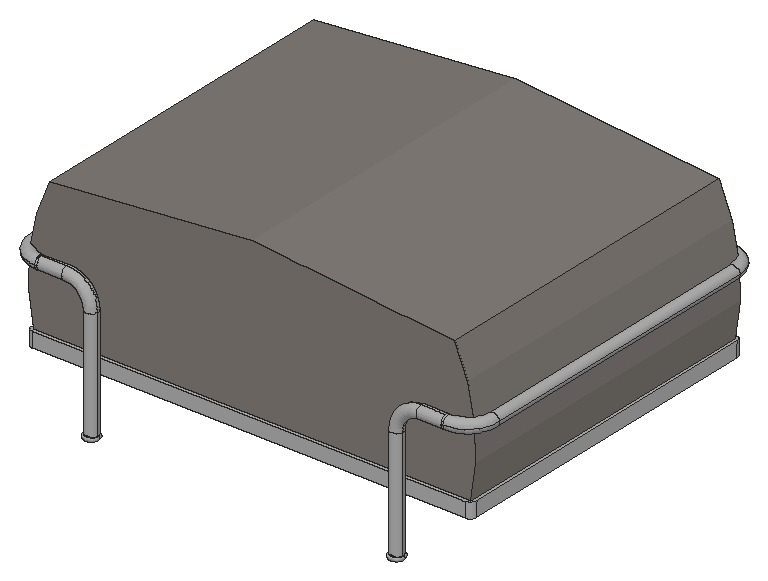
Revit family "Haworth_LC2_Ottoman", category Furniture, Revit 2018
Family settings
  OmniClass Number = 23.40.20.00
  OmniClass Title = General Furniture and Specialties
  Work Plane-Based = No
  Always vertical = Yes
  Cut with Voids When Loaded = No
  Shared = No
  Room Calculation Point = No
Parameters (values of type "HCCS-LC2F")
  Warranty = "http://www.haworth.com/resources/product-info/warranties"
  Upholstery Finish [instance] = Haworth _ Leather _ Cassina LCX _ Fango TD-418
  URL - Product = "http://www.haworth.com/products/Seating/Lounge-Chairs/lc2"
  URL = "http://www.haworth.com/our-brands/haworth-collection"
  Leg Finish [instance] = Haworth _ Metal _ Chrome
  Inside Depth = Actual Depth - 0' 1 1/2"  # 1' - 8 1/2"
  Half Width = Actual Width / 2  # 1' - 2 1/4"
  Frame Thickness = 0' - 0 3/4"  # constant formula
  Frame Radius = 0' - 0 3/8"  # constant formula
  Leg Offset = 0' - 4 1/4"  # constant formula
  Edge Offset = 0' - 0 1/4"  # constant formula
  Size = "Verify Final Dim. w/ Haworth"  # constant formula
  Revision = "4"  # constant formula
  Model = "HCCS-LC2F"
  Manufacturer = "Haworth"  # constant formula
  Glide Finish = Haworth _ Paint _ Black
  Description = "Haworth LC2 Ottoman"
  Arm Width = 0' - 4 1/4"  # constant formula
  Author = "Haworth (Hampton)"  # constant formula
  Assembly Code = "E2020200"
  Actual Width = 2' - 4 1/2"  # constant formula
  Actual Height = 1' - 4"  # constant formula
  Actual Depth = 1' - 10"  # constant formula
Reference planes (in)
  plane 1 "Center Front/Back": y = 0.75
  plane 2: z = 0.1875
  plane 3 "Center Left/Right": x = 0
  plane 4 "Frame Front Outside": y = -10.5
  plane 5 "Frame Right Inside": x = 13.5
  plane 6 "Frame Left Inside": x = -13.5
  plane 7 "Frame Top": z = 4.40945
  plane 8 "Right Leg Front": x = 9.25
  plane 9 "Left Leg Front": x = -9.25
  plane 10 "Top": z = 16.1875
  plane 11 "Right Arm": x = 9.25
  plane 12 "Left Arm": x = -9.25
  plane 13 "Frame Back Inside": y = 10.75
  plane 14 "Frame Left Outside": x = -14.25
  plane 15 "Frame Right Outside": x = 14.25
  plane 16 "Frame Front Inside": y = -9.75
  plane 17 "Frame Back Outside": y = 11.5
  plane 18 "Frame Bottom": z = 3.53445
  plane 19 "Bar Small Bottom": z = 8.375
  plane 20 "Bar Small Top": z = 8.875
  plane 21 "Leg Bottom": z = 0.4375
  plane 22 "Glide Top": z = 0.375
  plane 23 "Frame Radius Front": y = -10.125
  plane 24 "Frame Radius Left": x = -13.875
  plane 25 "Frame Radius Top": y = 11.125
  plane 26 "Frame Radius Right": x = 13.875
  plane 27 "Bar Small Center": z = 8.625
  plane 28 "Back Edge": y = 10.5
  plane 29 "Front Edge": y = -9.5
  plane 30 "Left Edge": x = -13.25
  plane 31 "Right Edge": x = 13.25
Forms (in)
  Extrusion 1, solid, material "Haworth _ Leather _ Cassina LCX _ Fango TD-418" <- "Upholstery Finish"
    sketch origin (0, 0, 0) x (-1, 0, 0) y (0, 0, -1)
      loop
        arc (-13.25, -4.40945) -> (-13.49553, -8.66336) -> (-12.26496, -12.7428) r 12.21504
        arc (-12.26496, -12.7428) -> (0, -13.86578) -> (12.26496, -12.7428) r 67.53931
        arc (12.26496, -12.7428) -> (13.49553, -8.66336) -> (13.25, -4.40945) r 12.21504
        line (13.25, -4.40945) -> (-13.25, -4.40945)
    from -10.5 to 9.5
  Extrusion 2, solid, material "Haworth _ Metal _ Chrome" <- "Leg Finish"
    sketch origin (0, 0, 0.1875) x (1, 0, 0) y (0, 1, 0)
      loop
        arc (-13.125, 10.75) -> (-13.39017, 10.64017) -> (-13.5, 10.375) r 0.375
        line (-13.5, 10.375) -> (-13.5, -9.375)
        arc (-13.5, -9.375) -> (-13.39017, -9.64017) -> (-13.125, -9.75) r 0.375
        line (-13.125, -9.75) -> (13.125, -9.75)
        arc (13.125, -9.75) -> (13.39017, -9.64017) -> (13.5, -9.375) r 0.375
        line (13.5, -9.375) -> (13.5, 10.375)
        arc (13.5, 10.375) -> (13.39017, 10.64017) -> (13.125, 10.75) r 0.375
        line (13.125, 10.75) -> (-13.125, 10.75)
    from 3.34695 to 4.22195
  Sweep 3, solid, material "Haworth _ Metal _ Chrome" <- "Leg Finish"
    path origin (0, 0, -4.5) x (0, -1, 0) y (1, 0, 0)
      loop
        line (-11.125, 12.25) -> (-11.125, 12.375)
        arc (-11.125, 12.375) -> (-10.68566, 13.43566) -> (-9.625, 13.875) r 1.5
        line (-9.625, 13.875) -> (8.625, 13.875)
        arc (8.625, 13.875) -> (9.68566, 13.43566) -> (10.125, 12.375) r 1.5
        line (10.125, 12.375) -> (10.125, 12.25)
    profile origin (12.3125, 11.125, -4.5) x (0, 1, 0) y (0, 0, 1)
      loop
        circle (0, 13.125) r 0.375
  Sweep 4, solid, material "Haworth _ Metal _ Chrome" <- "Leg Finish"
    path origin (0, -10.125, 0) x (1, 0, 0) y (0, 0, 1)
      loop
        line (-9.25, 0.4375) -> (-9.25, 7.125)
        arc (-9.25, 7.125) -> (-9.68934, 8.18566) -> (-10.75, 8.625) r 1.5
        line (-10.75, 8.625) -> (-12.25, 8.625)
    profile origin (-9.25, -10.125, 3.78125) x (-1, 0, 0) y (0, -1, 0)
      loop
        circle (0, 0) r 0.375
  Extrusion 5, solid, material "Haworth _ Paint _ Black" <- "Glide Finish"
    sketch origin (0, 0, 0.1875) x (1, 0, 0) y (0, 1, 0)
      loop
        circle (-9.25, -10.125) r 0.375
      loop
        circle (9.25, -10.125) r 0.375
      loop
        circle (9.25, 11.125) r 0.375
      loop
        circle (-9.25, 11.125) r 0.375
    from 0.1875 to 0.25
  Revolve 6, solid, material "Haworth _ Metal _ Chrome" <- "Leg Finish"
    sketch origin (0, -10.125, 0.1875) x (1, 0, 0) y (0, 0, 1)
      loop
        line (-9.25, 0) -> (-9.25, 0.1875) -> (-9.625, 0.1875)
        arc (-9.625, 0.1875) -> (-9.71875, 0.09375) -> (-9.625, 0) r 0.09375
        line (-9.625, 0) -> (-9.25, 0)
      axis (-9.25, 0) -> (-9.25, 0.1875)
    angle from 0 to 360
  Revolve 7, solid, material "Haworth _ Metal _ Chrome" <- "Leg Finish"
    sketch origin (0, -10.125, 0.1875) x (1, 0, 0) y (0, 0, 1)
      loop
        line (9.25, 0) -> (9.25, 0.1875) -> (8.875, 0.1875)
        arc (8.875, 0.1875) -> (8.78125, 0.09375) -> (8.875, 0) r 0.09375
        line (8.875, 0) -> (9.25, 0)
      axis (9.25, 0) -> (9.25, 0.1875)
    angle from 0 to 360
  Revolve 8, solid, material "Haworth _ Metal _ Chrome" <- "Leg Finish"
    sketch origin (0, 11.125, 0.1875) x (1, 0, 0) y (0, 0, 1)
      loop
        line (-9.25, 0) -> (-9.25, 0.1875) -> (-9.625, 0.1875)
        arc (-9.625, 0.1875) -> (-9.71875, 0.09375) -> (-9.625, 0) r 0.09375
        line (-9.625, 0) -> (-9.25, 0)
      axis (-9.25, 0) -> (-9.25, 0.1875)
    angle from 0 to 360
  Revolve 9, solid, material "Haworth _ Metal _ Chrome" <- "Leg Finish"
    sketch origin (0, 11.125, 0.1875) x (1, 0, 0) y (0, 0, 1)
      loop
        line (9.25, 0) -> (9.25, 0.1875) -> (8.875, 0.1875)
        arc (8.875, 0.1875) -> (8.78125, 0.09375) -> (8.875, 0) r 0.09375
        line (8.875, 0) -> (9.25, 0)
      axis (9.25, 0) -> (9.25, 0.1875)
    angle from 0 to 360
  Sweep 10, solid, material "Haworth _ Metal _ Chrome" <- "Leg Finish"
    path origin (0, -10.125, 0) x (-1, 0, 0) y (0, 0, 1)
      loop
        line (-9.25, 0.4375) -> (-9.25, 7.125)
        arc (-9.25, 7.125) -> (-9.68934, 8.18566) -> (-10.75, 8.625) r 1.5
        line (-10.75, 8.625) -> (-12.25, 8.625)
    profile origin (9.25, -10.125, 3.78125) x (-1, 0, 0) y (0, -1, 0)
      loop
        circle (0, 0) r 0.375
  Sweep 11, solid, material "Haworth _ Metal _ Chrome" <- "Leg Finish"
    path origin (0, 11.125, 0) x (-1, 0, 0) y (0, 0, 1)
      loop
        line (-9.25, 0.4375) -> (-9.25, 7.125)
        arc (-9.25, 7.125) -> (-9.68934, 8.18566) -> (-10.75, 8.625) r 1.5
        line (-10.75, 8.625) -> (-12.25, 8.625)
    profile origin (9.25, 11.125, 3.78125) x (1, 0, 0) y (0, 1, 0)
      loop
        circle (0, 0) r 0.375
  Sweep 12, solid, material "Haworth _ Metal _ Chrome" <- "Leg Finish"
    path origin (0, 11.125, 0) x (1, 0, 0) y (0, 0, -1)
      loop
        line (-9.25, -0.4375) -> (-9.25, -7.125)
        arc (-9.25, -7.125) -> (-9.68934, -8.18566) -> (-10.75, -8.625) r 1.5
        line (-10.75, -8.625) -> (-12.25, -8.625)
    profile origin (-9.25, 11.125, 3.78125) x (1, 0, 0) y (0, 1, 0)
      loop
        circle (0, 0) r 0.375
  Sweep 13, solid, material "Haworth _ Metal _ Chrome" <- "Leg Finish"
    path origin (0, 0, -4.5) x (0, 1, 0) y (-1, 0, 0)
      loop
        line (11.125, 12.25) -> (11.125, 12.375)
        arc (11.125, 12.375) -> (10.68566, 13.43566) -> (9.625, 13.875) r 1.5
        line (9.625, 13.875) -> (-8.625, 13.875)
        arc (-8.625, 13.875) -> (-9.68566, 13.43566) -> (-10.125, 12.375) r 1.5
        line (-10.125, 12.375) -> (-10.125, 12.25)
    profile origin (-12.3125, 11.125, -4.5) x (0, -1, 0) y (0, 0, 1)
      loop
        circle (0, 13.125) r 0.375
Cuts and joins
  joined: Sweep 3, Sweep 4, Sweep 10, Sweep 11, Sweep 12, Sweep 13
Lines and regions (in)
  Masking region 1
    outline origin (0, 0, 0.1875) x (1, 0, 0) y (0, 1, 0)
      loop
        arc (-12.375, 11.5) -> (-13.70083, 10.95083) -> (-14.25, 9.625) r 1.875
        line (-14.25, 9.625) -> (-14.25, -8.625)
        arc (-14.25, -8.625) -> (-13.70083, -9.95083) -> (-12.375, -10.5) r 1.875
        line (-12.375, -10.5) -> (12.375, -10.5)
        arc (12.375, -10.5) -> (13.70083, -9.95083) -> (14.25, -8.625) r 1.875
        line (14.25, -8.625) -> (14.25, 9.625)
        arc (14.25, 9.625) -> (13.70083, 10.95083) -> (12.375, 11.5) r 1.875
        line (12.375, 11.5) -> (-12.375, 11.5)
Dimensions and locks (in)
  "Leg Offset": plane 9 "Left Leg Front" to plane 6 "Frame Left Inside"
  "Leg Offset": plane 8 "Right Leg Front" to plane 5 "Frame Right Inside"
  "Actual Height": plane 10 "Top" to level
  "Arm Width": plane 11 "Right Arm" to plane 5 "Frame Right Inside"
  "Arm Width": plane 6 "Frame Left Inside" to plane 12 "Left Arm"
  "Inside Depth": plane 16 "Frame Front Inside" to plane 13 "Frame Back Inside"
  "Frame Thickness": plane 13 "Frame Back Inside" to plane 17 "Frame Back Outside"
  "Frame Thickness": plane 4 "Frame Front Outside" to plane 16 "Frame Front Inside"
  "Frame Thickness": plane 14 "Frame Left Outside" to plane 6 "Frame Left Inside"
  "Frame Thickness": plane 5 "Frame Right Inside" to plane 15 "Frame Right Outside"
  "Half Width": plane 14 "Frame Left Outside" to plane 3 "Center Left/Right"
  "Half Width": plane 3 "Center Left/Right" to plane 15 "Frame Right Outside"
  "Frame Radius": plane 4 "Frame Front Outside" to plane 23 "Frame Radius Front"
  "Frame Radius": plane 14 "Frame Left Outside" to plane 24 "Frame Radius Left"
  "Frame Radius": plane 17 "Frame Back Outside" to plane 25 "Frame Radius Top"
  "Frame Radius": plane 26 "Frame Radius Right" to plane 15 "Frame Right Outside"
  "Edge Offset": plane 21 "Leg Bottom" to level
  "Actual Height": plane 10 "Top" to plane 2
  "Edge Offset": plane 16 "Frame Front Inside" to plane 29 "Front Edge"
  "Edge Offset": plane 28 "Back Edge" to plane 13 "Frame Back Inside"
  "Edge Offset": plane 6 "Frame Left Inside" to plane 30 "Left Edge"
  "Edge Offset": plane 31 "Right Edge" to plane 5 "Frame Right Inside"
  aligned and locked: plane 5 "Frame Right Inside" to Extrusion 2 sketch curve
  aligned and locked: Extrusion 2 sketch curve to plane 6 "Frame Left Inside"
  aligned and locked: Extrusion 2 sketch curve to plane 16 "Frame Front Inside"
  aligned and locked: plane 13 "Frame Back Inside" to Extrusion 2 sketch curve
  aligned and locked: Extrusion 2 to plane 18 "Frame Bottom"
  aligned and locked: plane 7 "Frame Top" to Extrusion 2
  aligned and locked: Sweep 3 sketch curve to plane 25 "Frame Radius Top"
  aligned and locked: plane 26 "Frame Radius Right" to Sweep 3 sketch curve
  aligned and locked: plane 9 "Left Leg Front" to Sweep 4 sketch curve
  aligned: Extrusion 5 to level
  aligned and locked: plane 21 "Leg Bottom" to Extrusion 5
  aligned and locked: plane 9 "Left Leg Front" to Revolve 6 sketch curve
  aligned and locked: Revolve 7 sketch curve to plane 8 "Right Leg Front"
  aligned and locked: plane 12 "Left Arm" to Revolve 8 sketch curve
  aligned and locked: plane 11 "Right Arm" to Revolve 9 sketch curve
  aligned and locked: Masking region 1 sketch curve to plane 17 "Frame Back Outside"
  aligned and locked: plane 14 "Frame Left Outside" to Masking region 1 sketch curve
  aligned and locked: Masking region 1 sketch curve to plane 4 "Frame Front Outside"
  aligned and locked: plane 15 "Frame Right Outside" to Masking region 1 sketch curve
  aligned and locked: Extrusion 5 to plane 22 "Glide Top"
  aligned and locked: plane 25 "Frame Radius Top" to Sweep 11
  aligned and locked: plane 29 "Front Edge" to Extrusion 1
  aligned and locked: plane 28 "Back Edge" to Extrusion 1
Automatic sketch dimensions
  Extrusion 2 sketch curve to plane 6 "Frame Left Inside" = 0' - 0 3/8"  (x2)
  plane 5 "Frame Right Inside" to Extrusion 2 sketch curve = 0' - 0 3/8"  (x2)
  plane 23 "Frame Radius Front" to Sweep 3 sketch curve = 0' - 0"
  plane 13 "Frame Back Inside" to Sweep 3 sketch curve = 0' - 1 1/8"
  Sweep 3 sketch curve to plane 16 "Frame Front Inside" = 0' - 1 1/8"
  Sweep 3 sketch curve to Sweep 3 sketch curve = 0' - 0 1/8"  (x2)
  Sweep 3 sketch curve to profile plane = 0' - 0"
  profile plane to Sweep 3 sketch curve = 1' - 1 1/8"
  Sweep 4 sketch curve to plane 27 "Bar Small Center" = 0' - 0"
  Sweep 4 sketch curve to plane 21 "Leg Bottom" = 0' - 0"
  Sweep 4 sketch curve to plane 9 "Left Leg Front" = 0' - 1 1/2"
  Sweep 4 sketch curve to plane 6 "Frame Left Inside" = 0' - 1 1/4"
  plane 23 "Frame Radius Front" to Sweep 4 sketch curve = 0' - 0"
  Sweep 4 sketch curve to profile plane = 0' - 0"
  Extrusion 5 sketch curve to plane 9 "Left Leg Front" = 0' - 0"
  Extrusion 5 sketch curve to plane 12 "Left Arm" = 0' - 0"
  Extrusion 5 sketch curve to plane 11 "Right Arm" = 0' - 0"
  Extrusion 5 sketch curve to plane 8 "Right Leg Front" = 0' - 0"
  plane 23 "Frame Radius Front" to Extrusion 5 sketch curve = 0' - 0"  (x2)
  Extrusion 5 sketch curve to plane 25 "Frame Radius Top" = 0' - 0"  (x2)
  Revolve 6 sketch curve to level = 0' - 0"
  Revolve 6 sketch curve to plane 22 "Glide Top" = 0' - 0"
  Revolve 6 sketch curve to plane 9 "Left Leg Front" = 0' - 0"
  Revolve 6 sketch curve to Revolve 6 sketch curve = 0' - 0 3/8"
  Revolve 6 sketch curve to plane 2 = 1' - 5.3738"
  Revolve 6 sketch curve to plane 10 "Top" = 5' - 4.65523"
  Revolve 7 sketch curve to level = 0' - 0"
  Revolve 7 sketch curve to plane 22 "Glide Top" = 0' - 0"
  plane 8 "Right Leg Front" to Revolve 7 sketch curve = 0' - 0"
  Revolve 7 sketch curve to Revolve 7 sketch curve = 0' - 0 3/8"
  Revolve 7 sketch curve to plane 2 = 1' - 5.3738"
  Revolve 7 sketch curve to plane 10 "Top" = 5' - 4.65523"
  Revolve 8 sketch curve to level = 0' - 0"
  Revolve 8 sketch curve to plane 22 "Glide Top" = 0' - 0"
  plane 12 "Left Arm" to Revolve 8 sketch curve = 0' - 0"
  Revolve 8 sketch curve to plane 12 "Left Arm" = 0' - 0 3/8"
  plane 2 to Revolve 8 sketch curve = 1' - 5.3738"
  plane 10 "Top" to Revolve 8 sketch curve = 5' - 4.65523"
  Revolve 9 sketch curve to level = 0' - 0"
  Revolve 9 sketch curve to plane 22 "Glide Top" = 0' - 0"
  plane 11 "Right Arm" to Revolve 9 sketch curve = 0' - 0"
  Revolve 9 sketch curve to plane 11 "Right Arm" = 0' - 0 3/8"
  plane 2 to Revolve 9 sketch curve = 1' - 5.3738"
  plane 10 "Top" to Revolve 9 sketch curve = 5' - 4.65523"
  Masking region 1 sketch curve to plane 6 "Frame Left Inside" = 0' - 1 1/8"  (x2)
  plane 5 "Frame Right Inside" to Masking region 1 sketch curve = 0' - 1 1/8"  (x2)
  Sweep 10 sketch curve to plane 27 "Bar Small Center" = 0' - 0"
  plane 8 "Right Leg Front" to Sweep 10 sketch curve = 0' - 0"
  Sweep 10 sketch curve to plane 21 "Leg Bottom" = 0' - 0"
  plane 8 "Right Leg Front" to Sweep 10 sketch curve = 0' - 1 1/2"
  Sweep 10 sketch curve to plane 5 "Frame Right Inside" = 0' - 1 1/4"
  plane 23 "Frame Radius Front" to Sweep 10 sketch curve = 0' - 0"
  Sweep 10 sketch curve to profile plane = 0' - 0"
  Sweep 11 sketch curve to plane 27 "Bar Small Center" = 0' - 0"
  plane 8 "Right Leg Front" to Sweep 11 sketch curve = 0' - 0"
  Sweep 11 sketch curve to plane 21 "Leg Bottom" = 0' - 0"
  Sweep 11 sketch curve to plane 8 "Right Leg Front" = 0' - 1 1/2"
  plane 5 "Frame Right Inside" to Sweep 11 sketch curve = 0' - 1 1/4"
  Sweep 11 sketch curve to profile plane = 0' - 0"  (x2)
  Sweep 12 sketch curve to plane 27 "Bar Small Center" = 0' - 0"
  Sweep 12 sketch curve to plane 9 "Left Leg Front" = 0' - 0"
  Sweep 12 sketch curve to plane 21 "Leg Bottom" = 0' - 0"
  Sweep 12 sketch curve to plane 9 "Left Leg Front" = 0' - 1 1/2"
  Sweep 12 sketch curve to plane 6 "Frame Left Inside" = 0' - 1 1/4"
  Sweep 12 sketch curve to profile plane = 0' - 0"  (x2)
  plane 23 "Frame Radius Front" to Sweep 13 sketch curve = 0' - 0"
  Sweep 13 sketch curve to plane 24 "Frame Radius Left" = 0' - 0"
  Sweep 13 sketch curve to plane 25 "Frame Radius Top" = 0' - 0"
  Sweep 13 sketch curve to plane 6 "Frame Left Inside" = 0' - 1 1/8"  (x2)
  Sweep 13 sketch curve to Sweep 13 sketch curve = 0' - 0 1/8"  (x2)
  Sweep 13 sketch curve to profile plane = 0' - 0"
  profile plane to Sweep 13 sketch curve = 1' - 1 1/8"
  Extrusion 1 sketch curve to plane 7 "Frame Top" = 0' - 0"
  Extrusion 1 sketch curve to plane 31 "Right Edge" = 0' - 0"
  plane 3 "Center Left/Right" to Extrusion 1 sketch curve = 0' - 0"
  plane 30 "Left Edge" to Extrusion 1 sketch curve = 0' - 0"
  Extrusion 1 sketch curve to plane 31 "Right Edge" = 0' - 0.98504"
  plane 3 "Center Left/Right" to Extrusion 1 sketch curve = 0' - 1.36494"
  Extrusion 1 sketch curve to plane 3 "Center Left/Right" = 0' - 1.36494"
  Extrusion 1 sketch curve to plane 30 "Left Edge" = 0' - 0.98504"
  plane 19 "Bar Small Bottom" to Extrusion 1 sketch curve = 0' - 1.14553"
  Extrusion 1 sketch curve to level = 4' - 5.86103"
  radius of Sweep 3 sketch curve = 0' - 0 3/8"
  radius of Sweep 4 sketch curve = 0' - 0 3/8"
  radius of Extrusion 5 sketch curve = 0' - 0 3/8"  (x4)
  radius of Sweep 10 sketch curve = 0' - 0 3/8"
  radius of Sweep 11 sketch curve = 0' - 0 3/8"
  radius of Sweep 12 sketch curve = 0' - 0 3/8"
  radius of Sweep 13 sketch curve = 0' - 0 3/8"
